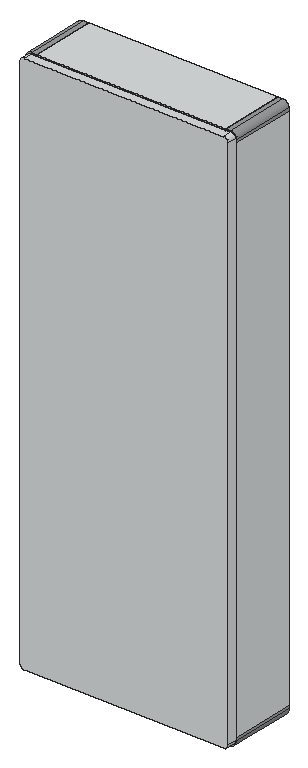
Revit family "Legrand Coffret XL³ 400 Métal", category Equipement électrique, Revit 2020
Family settings
  Configuration du panneau = Deux colonnes, circuits au sein
  Cote de connecteur circulaire = Utiliser le diamètre
  Type d'élément = Tableau de raccordement
  Numéro OmniClass = 23.80.30.11.17
  Titre OmniClass = Distribution Boards and Control Panels
  Basée sur le plan de construction = Non
  Toujours verticalement = Oui
  Couper avec des vides une fois chargée = Non
  Partagée = Non
  Point de calcul de pièce = Non
Parameters (values of type "020108-020278")
  built-in parameter 1140140 [instance] = 1 (stored number, unit not read)
  profondeur zone d'installation = 750 mm
  Matière coin = "Plastique"  # constant formula
  Matière = "Acier"  # constant formula
  Largeur zone d'installation = 1245 mm
  Hauteur zone d'installation = [Hauteur totale (mm)]  # 1500 mm
  zone d'installation [instance] = yes
  URL = "https://www.legrand.fr/"
  profondeur (mm) = 200 mm
  poignée Tableau = not(poignée Coffret)  # no
  poignée Coffret = yes
  plan zone d'installation = if(not(socle), 5 mm, 0 mm)  # 5 mm
  niveau Coffret = if(not(socle), 0 mm, 100 mm)  # 0 mm
  Modèle = "XL³ 400 Metal"
  Largeur (mm) = 575 mm
  IPK (kA) = "52.5"
  IN max (A) = "400"
  ICW (jusqu'à) (kA) = "25"
  IP sans porte = "30"
  IP avec porte = "40"
  IK sans porte = "07"
  IK avec porte = "08"
  Hauteur totale (mm) = 1500 mm
  Hauteur = if(not(socle), [Hauteur totale (mm)], [Hauteur totale (mm)] - 100 mm)  # 1500 mm
  Finition = "Peinture époxipolyester déposée par poudrage électrostatique"
  Conditions Générale d'Utilisation = "https://export.legrand.com/CGU-objets-BIM"
  Fabricant = "Legrand"  # constant formula
  RAL = "7035"
  socle = no
  Elévation par défaut = 0 mm
  built-in parameter 1140142 [instance] = -1
  built-in parameter 1155100 [instance] = -1
Types (9, lengths in mm): name | Hauteur zone d'installation | poignée Tableau | poignée Coffret | plan zone d'installation | niveau Coffret | Hauteur totale (mm) | Hauteur | socle
  (no name) | 600 | no | yes | 5 | 0 | 600 | 600 | no
  020103-020273 | 600 | no | yes | 5 | 0 | 600 | 600 | no
  020118-020278 | 1600 | yes | no | 0 | 100 | 1600 | 1500 | yes
  020104-020274 | 750 | no | yes | 5 | 0 | 750 | 750 | no
  020105-020275 | 900 | no | yes | 5 | 0 | 900 | 900 | no
  020106-020276 | 1050 | no | yes | 5 | 0 | 1050 | 1050 | no
  020107-020277 | 1200 | no | yes | 5 | 0 | 1200 | 1200 | no
  020108-020278 | 1500 | no | yes | 5 | 0 | 1500 | 1500 | no
  020119-020279 | 1900 | yes | no | 0 | 100 | 1900 | 1800 | yes
Reference planes
  plane 1 "Centre (avant/arrière)": y = 0
  plane 2: z = 0
  plane 3 "Centre (gauche/droite)": x = 0
  plane 4: y = 100
  plane 5: y = -100
  plane 6: x = -287.5
  plane 7: x = 287.5
  plane 8: z = 1500
  plane 9: z = 750
  plane 10: x = -257.5
  plane 11: z = 1475
  plane 12: z = 1483.5
  plane 13: x = -271
  plane 14: z = 1495
  plane 15: z = 5
  plane 16: x = 282.5
  plane 17: x = -282.5
  plane 18: y = 99
  plane 19: y = -76
  plane 20: z = 1496
  plane 21: x = 283.5
  plane 22: z = 4
  plane 23: x = -283.5
  plane 24: x = 272.5
  plane 25: x = -262.5
  plane 26: x = -257.5
  plane 27: x = 257.5
  plane 28: y = -46
  plane 29: y = 69
  plane 30: z = -5
  plane 31 "Niveau coffret": z = 0
  plane 32: z = 17
  plane 33: x = -271
  plane 34: z = 25
Forms (mm)
  Extrusion 1, solid, material "IDS_PLASTIQUE"
    sketch origin (0, 0, 0) x (1, 0, 0) y (0, 0, 1)
      loop
        line (-287.5, 1475) -> (-257.5, 1475) -> (-257.5, 1500) -> (-271, 1500)
        arc (-271, 1500) -> (-282.667, 1495.167) -> (-287.5, 1483.5) r 16.5
        line (-287.5, 1483.5) -> (-287.5, 1475)
      loop
        line (287.5, 1475) -> (287.5, 1483.5)
        arc (287.5, 1483.5) -> (282.667, 1495.167) -> (271, 1500) r 16.5
        line (271, 1500) -> (257.5, 1500) -> (257.5, 1475) -> (287.5, 1475)
      loop
        line (-287.5, 25) -> (-287.5, 16.5)
        arc (-287.5, 16.5) -> (-282.667, 4.833) -> (-271, 0) r 16.5
        line (-271, 0) -> (-257.5, 0) -> (-257.5, 25) -> (-287.5, 25)
      loop
        line (287.5, 25) -> (257.5, 25) -> (257.5, 0) -> (271, 0)
        arc (271, 0) -> (282.667, 4.833) -> (287.5, 16.5) r 16.5
        line (287.5, 16.5) -> (287.5, 25)
    from -100 to 76
  Extrusion 2, solid, material "IDS_ACIER"
    sketch origin (0, 0, 0) x (1, 0, 0) y (0, 0, 1)
      loop
        line (-257.5, 1500) -> (-257.5, 1475) -> (257.5, 1475) -> (257.5, 1500) -> (-257.5, 1500)
      loop
        line (-257.5, 0) -> (257.5, 0) -> (257.5, 25) -> (-257.5, 25) -> (-257.5, 0)
    from -100 to 76
  Extrusion 3, solid, material "IDS_ACIER"
    sketch origin (0, 0, 0) x (1, 0, 0) y (0, 0, 1)
      loop
        line (-287.5, 1475) -> (-287.5, 25) -> (-257.5, 25) -> (-257.5, 1475) -> (-287.5, 1475)
      loop
        line (287.5, 1475) -> (257.5, 1475) -> (257.5, 25) -> (287.5, 25) -> (287.5, 1475)
    from -100 to 76
  Extrusion 4, solid, material "IDS_ACIER"
    sketch origin (0, 0, 0) x (1, 0, 0) y (0, 0, 1)
      loop
        line (-282.5, 1495) -> (-282.5, 5) -> (282.5, 5) -> (282.5, 1495) -> (-282.5, 1495)
    from -100 to -99
  Extrusion 5, solid, material "IDS_ACIER"
    sketch origin (0, 0, 0) x (1, 0, 0) y (0, 0, 1)
      loop
        line (-283.5, 1483.5) -> (-283.5, 16.5)
        arc (-283.5, 16.5) -> (-279.839, 7.661) -> (-271, 4) r 12.5
        line (-271, 4) -> (271, 4)
        arc (271, 4) -> (279.839, 7.661) -> (283.5, 16.5) r 12.5
        line (283.5, 16.5) -> (283.5, 1483.5)
        arc (283.5, 1483.5) -> (279.839, 1492.339) -> (271, 1496) r 12.5
        line (271, 1496) -> (-271, 1496)
        arc (-271, 1496) -> (-279.839, 1492.339) -> (-283.5, 1483.5) r 12.5
    from 76 to 100
  Extrusion 6, solid, material "IDS_ACIER", visible <- "socle"
    sketch origin (0, 0, 0) x (1, 0, 0) y (0, 1, 0)
      loop
        line (-287.5, 99) -> (-287.5, -76) -> (-257.5, -76) -> (-257.5, 99) -> (-287.5, 99)
      loop
        line (287.5, 99) -> (257.5, 99) -> (257.5, -76) -> (287.5, -76) -> (287.5, 99)
    from -5 to 0
  Extrusion 7, solid, material "IDS_ACIER", visible <- "socle"
    sketch origin (0, 0, 0) x (1, 0, 0) y (0, 1, 0)
      loop
        line (-257.5, -46) -> (-257.5, -76) -> (257.5, -76) -> (257.5, -46) -> (-257.5, -46)
      loop
        line (-257.5, 99) -> (-257.5, 69) -> (257.5, 69) -> (257.5, 99) -> (-257.5, 99)
    from -5 to 0
Cuts and joins
  joined: Extrusion 2, Extrusion 3, Extrusion 4
Dimensions and locks
  equal spacing: plane 6, plane 3 "Centre (gauche/droite)", plane 7
  equal spacing: plane 4, plane 1 "Centre (avant/arrière)", plane 5
  "Largeur (mm)": plane 6 to plane 7
  "profondeur (mm)": plane 4 to plane 5
  locked: plane 10 to plane 6 at 30
  locked: plane 8 to plane 11 at 25
  locked: plane 13 to plane 6 at 16.5
  locked: plane 8 to plane 12 at 16.5
  locked: plane 8 to plane 14 at 5
  locked: plane 17 to plane 6 at 5
  locked: plane 7 to plane 16 at 5
  locked: plane 18 to plane 4 at 1
  locked: plane 5 to plane 19 at 24
  locked: plane 7 to plane 21 at 4
  equal spacing: plane 21, plane 3 "Centre (gauche/droite)", plane 23
  locked: plane 7 to plane 24 at 15
  locked: plane 25 to plane 6 at 25
  locked: plane 6 to plane 26 at 30
  equal spacing: plane 26, plane 3 "Centre (gauche/droite)", plane 27
  locked: plane 28 to plane 19 at 30
  locked: plane 18 to plane 29 at 30
  "plan zone d'installation": plane 30 to plane 2
  "niveau Coffret": plane 31 "Niveau coffret" to plane 2
  "Hauteur": plane 8 to plane 31 "Niveau coffret"
  locked: plane 22 to plane 31 "Niveau coffret" at 4
  equal spacing: plane 8, plane 9, plane 31 "Niveau coffret"
  equal spacing: plane 20, plane 9, plane 22
  locked: plane 15 to plane 31 "Niveau coffret" at 5
  locked: plane 34 to plane 31 "Niveau coffret" at 25
  locked: plane 32 to plane 31 "Niveau coffret" at 17
  aligned and locked: level to plane 2
  aligned and locked: plane 11 to Extrusion 1 sketch curve
  aligned and locked: Extrusion 1 sketch curve to plane 10
  aligned and locked: plane 6 to Extrusion 1 sketch curve
  aligned and locked: plane 4 to Extrusion 1
  aligned and locked: Extrusion 2 sketch curve to plane 8
  aligned and locked: Extrusion 2 sketch curve to Extrusion 1  (x3)
  aligned and locked: plane 4 to Extrusion 2
  aligned and locked: plane 6 to Extrusion 3 sketch curve
  aligned and locked: Extrusion 3 sketch curve to Extrusion 1  (x2)
  aligned and locked: plane 4 to Extrusion 3
  aligned and locked: Extrusion 4 sketch curve to plane 14
  aligned and locked: plane 17 to Extrusion 4 sketch curve
  aligned and locked: plane 15 to Extrusion 4 sketch curve
  aligned and locked: Extrusion 4 sketch curve to plane 16
  aligned and locked: plane 4 to Extrusion 4
  aligned and locked: Extrusion 1 to plane 19
  aligned and locked: Extrusion 1 to Extrusion 3
  aligned and locked: Extrusion 2 to Extrusion 1
  aligned and locked: Extrusion 5 sketch curve to plane 20
  aligned and locked: plane 23 to Extrusion 5 sketch curve
  aligned and locked: plane 22 to Extrusion 5 sketch curve
  aligned and locked: Extrusion 5 sketch curve to plane 21
  aligned and locked: plane 19 to Extrusion 5
  aligned and locked: plane 5 to Extrusion 5
  aligned and locked: cut or joined group of Extrusion 2, Extrusion 3, Extrusion 4 to plane 18
  aligned and locked: plane 19 to Extrusion 6 sketch curve
  aligned and locked: Extrusion 6 sketch curve to plane 26
  aligned and locked: plane 6 to Extrusion 6 sketch curve
  aligned and locked: plane 7 to Extrusion 6 sketch curve
  aligned and locked: Extrusion 6 sketch curve to plane 27
  aligned and locked: Extrusion 6 sketch curve to plane 19
  aligned and locked: plane 18 to Extrusion 6 sketch curve
  aligned and locked: Extrusion 6 sketch curve to plane 18
  aligned and locked: plane 19 to Extrusion 7 sketch curve
  aligned and locked: Extrusion 7 sketch curve to plane 28
  aligned and locked: plane 29 to Extrusion 7 sketch curve
  aligned and locked: Extrusion 7 sketch curve to plane 18
  aligned and locked: Extrusion 7 sketch curve to cut or joined group of Extrusion 2, Extrusion 3, Extrusion 4  (x4)
  aligned and locked: cut or joined group of Extrusion 2, Extrusion 3, Extrusion 4 to Extrusion 3 sketch curve
  aligned and locked: plane 34 to Extrusion 1 sketch curve
  aligned and locked: plane 10 to Extrusion 1 sketch curve
  aligned and locked: Extrusion 1 sketch curve to plane 31 "Niveau coffret"
  aligned and locked: Extrusion 1 sketch curve to plane 6
  aligned and locked: Extrusion 1 sketch curve to plane 13
  aligned and locked: plane 31 "Niveau coffret" to Extrusion 7
  aligned and locked: plane 31 "Niveau coffret" to Extrusion 6
  aligned and locked: Extrusion 7 to plane 30
  aligned and locked: Extrusion 6 to plane 30
Automatic sketch dimensions
  plane 6 to Extrusion 5 sketch curve = 16.5 mm
  Extrusion 5 sketch curve to Extrusion 5 sketch curve = 12.5 mm
  Extrusion 5 sketch curve to plane 7 = 16.5 mm  (x2)
  Extrusion 1 sketch curve to plane 8 = 0 mm  (x2)
  Extrusion 1 sketch curve to plane 13 = 0 mm
  Extrusion 1 sketch curve to plane 34 = 0 mm
  Extrusion 1 sketch curve to plane 31 "Niveau coffret" = 0 mm
  Extrusion 1 sketch curve to plane 11 = 0 mm
  Extrusion 1 sketch curve to plane 12 = 0 mm
  Extrusion 1 sketch curve to plane 7 = 0 mm  (x2)
  Extrusion 1 sketch curve to Extrusion 1 sketch curve = 13.5 mm
  Extrusion 1 sketch curve to plane 24 = 15 mm
  plane 32 to Extrusion 1 sketch curve = 0.5 mm
  Extrusion 2 sketch curve to plane 31 "Niveau coffret" = 0 mm
  plane 25 to Extrusion 2 sketch curve = 5 mm
  Extrusion 2 sketch curve to plane 24 = 15 mm
  plane 31 "Niveau coffret" to Extrusion 2 sketch curve = 25 mm
  Extrusion 3 sketch curve to plane 7 = 0 mm
  Extrusion 3 sketch curve to plane 24 = 15 mm
  plane 31 "Niveau coffret" to Extrusion 3 sketch curve = 25 mm  (x2)
  Extrusion 3 sketch curve to plane 8 = 25 mm
Connectors
  electrical at (0, 100, 750)
    settings: on cut or joined group of Extrusion 2, Extrusion 3, Extrusion 4, index 1, voltage 0 V, apparent load 0 VA, apparent load phase1 0 VA, apparent load phase2 0 VA, apparent load phase3 0 VA, power factor 1, load classification "Autre", number of poles 1, system type 31, power factor state 1, is connector primary yes, connector utility no, sub classification motor no, connector description ""
